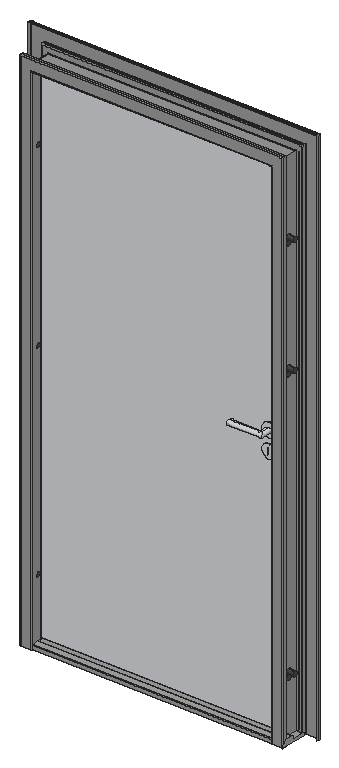
Revit family "Daloc S30 snabbsortiment", category Doors, host Wall, Revit 2017
Family settings
  Host = Wall
  OmniClass Number = 23.30.10.00
  OmniClass Title = Doors
  Always vertical = Yes
  Cut with Voids When Loaded = No
  Shared = No
  Room Calculation Point = No
Parameters (values of type "10x20")
  Övre gångjärn start [instance] = Dörrblad ÖK - 310 mm  # 1663 mm
  Övre gångjärn end [instance] = Dörrblad ÖK - 190 mm  # 1783 mm
  Vänsterhängd [instance] = no
  Visa kollisionskontroll [instance] = no
  Tröskeltyp G Stål [instance] = no
  Tröskeltyp G Hårdträ [instance] = yes
  Modulhöjd = 20
  Modulbredd = 10
  Kulör dörrblad [instance] = none
  Kollisionskontroll vänster [instance] = and(Visa kollisionskontroll, Vänsterhängd)  # no
  Kollisionskontroll höger [instance] = and(Visa kollisionskontroll, Högerhängd)  # no
  KDH [instance] = Height - 75 mm  # 1925 mm
  Infästning Vänsterhängd [instance] = and(Vänsterhängd, or(Dörrkarm K41, Dörrkarm K42))  # no
  Infästning Högerhängd [instance] = and(Högerhängd, or(Dörrkarm K41, Dörrkarm K42))  # yes
  Höjd dörrblad [instance] = (Modulhöjd * 100 mm) - 40 mm  # 1960 mm
  Högerhängd [instance] = yes
  Function = Interior
  Frame Projection Ext. = 25 mm
  Frame Projection Int. = 25 mm
  Frame Width = 75 mm
  Height = Modulhöjd * 100 mm  # 2000 mm
  Wall Closure = By host
  Width = Modulbredd * 100 mm  # 1000 mm
  Fp lås Ö [instance] = KDH - 233 mm  # 1692 mm
  Fp Ggj Ö övre hålet [instance] = Fp Ggj Ö + 18 mm  # 1692.5 mm
  Fp Ggj Ö undre hålet [instance] = Fp Ggj Ö - 18 mm  # 1656.5 mm
  Fp Ggj Ö [instance] = KDH - 250.5 mm  # 1674.5 mm
  Dörrstängare Vänster G [instance] = and(Vänsterhängd, Dörrstängare G sida)  # no
  Dörrstängare Vänster A [instance] = and(Vänsterhängd, Dörrstängare A sida)  # no
  Dörrstängare Höger G [instance] = and(Högerhängd, Dörrstängare G sida)  # no
  Dörrstängare Höger A [instance] = and(Högerhängd, Dörrstängare A sida)  # no
  Dörrstängare G sida [instance] = no
  Dörrstängare A sida [instance] = no
  Dörrkarm K42 [instance] = no
  Dörrkarm K41 [instance] = yes
  Dörrblad ÖK [instance] = Höjd dörrblad + Dörrblad UK  # 1973 mm
  Dörrblad UK [instance] = 13 mm
  Datablad [instance] = "http://www.dorrkatalogen.daloc.se/staldorrar/S30/"
  DST offset G-sida [instance] = Dörrblad ÖK - 75 mm  # 1898 mm
  DST offset A-sida [instance] = Dörrblad ÖK - 110 mm  # 1863 mm
  Bredd med överfals [instance] = Bredd dörrblad + 26.2 mm  # 950.2 mm
  Bredd dörrblad [instance] = (Modulbredd * 100 mm) - 76 mm  # 924 mm
Types (5, lengths in mm): name | Övre gångjärn start | Övre gångjärn end | Modulhöjd | Modulbredd | KDH | Höjd dörrblad | Height | Width | Fp lås Ö | Fp Ggj Ö övre hålet | Fp Ggj Ö undre hålet | Fp Ggj Ö | Dörrblad ÖK | DST offset G-sida | DST offset A-sida | Bredd med överfals | Bredd dörrblad
  (no name) | 1663 | 1783 | 20 | 10 | 1925 | 1960 | 2000 | 1000 | 1692 | 1692.5 | 1656.5 | 1674.5 | 1973 | 1898 | 1863 | 950.2 | 924
  9x21 | 1763 | 1883 | 21 | 9 | 2025 | 2060 | 2100 | 900 | 1792 | 1792.5 | 1756.5 | 1774.5 | 2073 | 1998 | 1963 | 850.2 | 824
  10x21 | 1763 | 1883 | 21 | 10 | 2025 | 2060 | 2100 | 1000 | 1792 | 1792.5 | 1756.5 | 1774.5 | 2073 | 1998 | 1963 | 950.2 | 924
  9x20 | 1663 | 1783 | 20 | 9 | 1925 | 1960 | 2000 | 900 | 1692 | 1692.5 | 1656.5 | 1674.5 | 1973 | 1898 | 1863 | 850.2 | 824
  10x20 | 1663 | 1783 | 20 | 10 | 1925 | 1960 | 2000 | 1000 | 1692 | 1692.5 | 1656.5 | 1674.5 | 1973 | 1898 | 1863 | 950.2 | 924
Reference planes
  plane 1: y = 0
  plane 2 "Center (Left/Right)": x = 0
  plane 3 "Left": x = -500
  plane 4 "Right": x = 500
  plane 5: z = 2000
  plane 6 "Exterior": y = 75
  plane 7 "Interior": y = -75
  plane 8 "Drevmån h": x = -495
  plane 9 "Drevmån v": x = 495
  plane 10 "Drevmån övre": z = 1993
Forms (mm)
  Sweep 1, solid, material "Daloc dörrkarm VIT S 0500-N", visible <- "Dörrkarm K41"
    path origin (0, 75, 0) x (1, 0, 0) y (0, 0, 1)
      loop
        line (495, 0) -> (495, 1993) -> (-495, 1993) -> (-495, 0)
    profile "Karm_K41 : Karm_K41" origin (495, 75, 996.5) x (-1, 0, 0) y (0, -1, 0)
      loop
        line (0, 85) -> (1.5, 85) -> (1.5, 95)
        arc (1.5, 95) -> (1.939, 96.061) -> (3, 96.5) r 1.5
        line (3, 96.5) -> (42, 96.5)
        arc (42, 96.5) -> (43.061, 96.061) -> (43.5, 95) r 1.5
        line (43.5, 95) -> (43.5, 55)
        arc (43.5, 55) -> (43.061, 53.939) -> (42, 53.5) r 1.5
        line (42, 53.5) -> (28.5, 53.5) -> (28.5, 3)
        arc (28.5, 3) -> (28.061, 1.939) -> (27, 1.5) r 1.5
        line (27, 1.5) -> (6.5, 1.5)
        arc (6.5, 1.5) -> (4.379, 0.621) -> (3.5, -1.5) r 3
        line (3.5, -1.5) -> (3.5, -10)
        arc (3.5, -10) -> (3.061, -11.061) -> (2, -11.5) r 1.5
        line (2, -11.5) -> (-47, -11.5)
        arc (-47, -11.5) -> (-48.061, -11.061) -> (-48.5, -10) r 1.5
        line (-48.5, -10) -> (-48.5, 0) -> (-50, 0) -> (-50, -10)
        arc (-50, -10) -> (-49.121, -12.121) -> (-47, -13) r 3
        line (-47, -13) -> (2, -13)
        arc (2, -13) -> (4.121, -12.121) -> (5, -10) r 3
        line (5, -10) -> (5, -1.5)
        arc (5, -1.5) -> (5.439, -0.439) -> (6.5, 0) r 1.5
        line (6.5, 0) -> (27, 0)
        arc (27, 0) -> (29.121, 0.879) -> (30, 3) r 3
        line (30, 3) -> (30, 52) -> (42, 52)
        arc (42, 52) -> (44.121, 52.879) -> (45, 55) r 3
        line (45, 55) -> (45, 95)
        arc (45, 95) -> (44.121, 97.121) -> (42, 98) r 3
        line (42, 98) -> (3, 98)
        arc (3, 98) -> (0.879, 97.121) -> (0, 95) r 3
        line (0, 95) -> (0, 85)
  Sweep 2, solid, material "Daloc dörrkarm VIT S 0500-N", visible <- "Dörrkarm K42"
    path origin (0, 75, 0) x (1, 0, 0) y (0, 0, 1)
      loop
        line (495, 0) -> (495, 1993) -> (-495, 1993) -> (-495, 0)
    profile "Karm_K42 : Karm_K42" origin (495, 75, 996.5) x (-1, 0, 0) y (0, -1, 0)
      loop
        line (0, 85) -> (1.5, 85) -> (1.5, 95)
        arc (1.5, 95) -> (1.939, 96.061) -> (3, 96.5) r 1.5
        line (3, 96.5) -> (42, 96.5)
        arc (42, 96.5) -> (43.061, 96.061) -> (43.5, 95) r 1.5
        line (43.5, 95) -> (43.5, 55)
        arc (43.5, 55) -> (43.061, 53.939) -> (42, 53.5) r 1.5
        line (42, 53.5) -> (28.5, 53.5) -> (28.5, 3)
        arc (28.5, 3) -> (28.061, 1.939) -> (27, 1.5) r 1.5
        line (27, 1.5) -> (3, 1.5)
        arc (3, 1.5) -> (1.939, 1.939) -> (1.5, 3) r 1.5
        line (1.5, 3) -> (1.5, 13) -> (0, 13) -> (0, 3)
        arc (0, 3) -> (0.879, 0.879) -> (3, 0) r 3
        line (3, 0) -> (27, 0)
        arc (27, 0) -> (29.121, 0.879) -> (30, 3) r 3
        line (30, 3) -> (30, 52) -> (42, 52)
        arc (42, 52) -> (44.121, 52.879) -> (45, 55) r 3
        line (45, 55) -> (45, 95)
        arc (45, 95) -> (44.121, 97.121) -> (42, 98) r 3
        line (42, 98) -> (3, 98)
        arc (3, 98) -> (0.879, 97.121) -> (0, 95) r 3
        line (0, 95) -> (0, 85)
  Extrusion 3, solid, material "Daloc tröskel EK", visible <- "Tröskeltyp G Hårdträ"
    sketch origin (0, 579.415, -570.578) x (0, 1, 0) y (0, 0, 1)
      loop
        line (-507.415, 580.578) -> (-555.423, 580.578) -> (-555.423, 590.078)
        arc (-555.423, 590.078) -> (-556.448, 592.553) -> (-558.923, 593.578) r 3.5
        line (-558.923, 593.578) -> (-580.423, 593.578)
        arc (-580.423, 593.578) -> (-580.99, 593.524) -> (-581.537, 593.364) r 3
        line (-581.537, 593.364) -> (-598.537, 588.364)
        arc (-598.537, 588.364) -> (-599.907, 587.26) -> (-600.423, 585.578) r 3
        line (-600.423, 585.578) -> (-600.423, 570.578) -> (-504.415, 570.578) -> (-504.415, 577.578)
        arc (-504.415, 577.578) -> (-505.294, 579.699) -> (-507.415, 580.578) r 3
    from -495 to 495
  Extrusion 4, solid, material "Daloc ståltröskel", visible <- "Tröskeltyp G Stål"
    sketch origin (0, -111.86, -57.161) x (0, 1, 0) y (0, 0, 1)
      loop
        line (176.776, 57.161) -> (182.855, 57.161)
        arc (182.855, 57.161) -> (186.86, 61.165) -> (182.855, 65.17) r 4.004
        line (182.855, 65.17) -> (136.355, 65.17)
        arc (136.355, 65.17) -> (135.295, 65.609) -> (134.855, 66.67) r 1.5
        line (134.855, 66.67) -> (134.855, 77.17)
        arc (134.855, 77.17) -> (133.977, 79.291) -> (131.855, 80.17) r 3
        line (131.855, 80.17) -> (102.102, 80.17)
        arc (102.102, 80.17) -> (100.954, 79.941) -> (99.98, 79.291) r 3
        line (99.98, 79.291) -> (93.734, 73.045)
        arc (93.734, 73.045) -> (93.084, 72.072) -> (92.855, 70.924) r 3
        line (92.855, 70.924) -> (92.855, 60.161)
        arc (92.855, 60.161) -> (93.734, 58.04) -> (95.855, 57.161) r 3
        line (95.855, 57.161) -> (102.855, 57.161) -> (102.855, 58.67) -> (95.855, 58.67)
        arc (95.855, 58.67) -> (94.795, 59.109) -> (94.355, 60.17) r 1.5
        line (94.355, 60.17) -> (94.355, 70.924)
        arc (94.355, 70.924) -> (94.469, 71.498) -> (94.795, 71.984) r 1.5
        line (94.795, 71.984) -> (101.041, 78.231)
        arc (101.041, 78.231) -> (101.528, 78.556) -> (102.102, 78.67) r 1.5
        line (102.102, 78.67) -> (131.855, 78.67)
        arc (131.855, 78.67) -> (132.916, 78.231) -> (133.355, 77.17) r 1.5
        line (133.355, 77.17) -> (133.355, 66.67)
        arc (133.355, 66.67) -> (134.234, 64.549) -> (136.355, 63.67) r 3
        line (136.355, 63.67) -> (182.855, 63.67)
        arc (182.855, 63.67) -> (185.355, 61.17) -> (182.855, 58.67) r 2.5
        line (182.855, 58.67) -> (176.776, 58.67) -> (176.776, 57.161)
    from -495 to 495
  Extrusion 5, solid, material "Stainless Steel", visible <- "Högerhängd"
    sketch origin (0, 0, 0) x (1, 0, 0) y (0, 1, 0)
      loop
        circle (-469.581, 92.224) r 8.5
    from 190 to 310
  Extrusion 6, solid, material "Stainless Steel", visible <- "Högerhängd"
    sketch origin (0, 0, 0) x (1, 0, 0) y (0, 1, 0)
      loop
        circle (-469.581, 92.224) r 8.5
    from 1663 <- "Övre gångjärn start" to 1783 <- "Övre gångjärn end"
  Extrusion 7, solid, material "Stainless Steel", visible <- "Vänsterhängd"
    sketch origin (0, 0, 0) x (1, 0, 0) y (0, 1, 0)
      loop
        circle (470.581, 92.224) r 8.5
    from 190 to 310
  Extrusion 8, solid, material "Stainless Steel", visible <- "Vänsterhängd"
    sketch origin (0, 0, 0) x (1, 0, 0) y (0, 1, 0)
      loop
        circle (470.581, 92.224) r 8.5
    from 1663 <- "Övre gångjärn start" to 1783 <- "Övre gångjärn end"
  Extrusion 9, solid, material "Frigång", visible <- "Kollisionskontroll höger"
    sketch origin (0, 0, 0) x (1, 0, 0) y (0, 1, 0)
      loop
        line (-475.081, 83.724) -> (475.119, 83.724)
        arc (475.119, 83.724) -> (-351.055, 1025.795) -> (-1392.904, 329.654) r 950.2
        line (-1392.904, 329.654) -> (-475.081, 83.724)
    from 13 <- "Dörrblad UK" to 1973 <- "Dörrblad ÖK"
  Extrusion 10, solid, material "Frigång", visible <- "Kollisionskontroll vänster"
    sketch origin (0, 0, 0) x (1, 0, 0) y (0, 1, 0)
      loop
        line (475.119, 83.724) -> (1392.941, 329.654)
        arc (1392.941, 329.654) -> (351.093, 1025.795) -> (-475.081, 83.724) r 950.2
        line (-475.081, 83.724) -> (475.119, 83.724)
    from 13 <- "Dörrblad UK" to 1973 <- "Dörrblad ÖK"
  Extrusion 11, solid, material "Hål", visible <- "Infästning Högerhängd"
    sketch origin (495, 0, 0) x (0, 0, 1) y (0, -1, 0)
      loop
        circle (226.5, -35) r 8
    from 0 to -30.1
  Extrusion 12, solid, material "Hål", visible <- "Infästning Högerhängd"
    sketch origin (495, 0, 0) x (0, 0, 1) y (0, -1, 0)
      loop
        circle (226.5, -5) r 8
    from 0 to -45.2
  Extrusion 13, solid, material "Hål", visible <- "Infästning Högerhängd"
    sketch origin (495, 0, 0) x (0, 0, 1) y (0, -1, 0)
      loop
        circle (1250, -35) r 8
    from 0 to -30.1
  Extrusion 14, solid, material "Hål", visible <- "Infästning Högerhängd"
    sketch origin (495, 0, 0) x (0, 0, 1) y (0, -1, 0)
      loop
        circle (1250, -5) r 8
    from 0 to -45.2
  Extrusion 15, solid, material "Hål", visible <- "Infästning Högerhängd"
    sketch origin (495, 0, 0) x (0, 0, 1) y (0, -1, 0)
      loop
        circle (1692, -35) r 8
    from 0 to -30.1
  Extrusion 16, solid, material "Hål", visible <- "Infästning Högerhängd"
    sketch origin (495, 0, 0) x (0, 0, 1) y (0, -1, 0)
      loop
        circle (1692, -5) r 8
    from 0 to -45.2
  Extrusion 17, solid, material "Hål", visible <- "Infästning Vänsterhängd"
    sketch origin (-495, 0, 0) x (0, 0, 1) y (0, -1, 0)
      loop
        circle (226.5, -35) r 8
    from 0 to 30.1
  Extrusion 18, solid, material "Hål", visible <- "Infästning Vänsterhängd"
    sketch origin (-495, 0, 0) x (0, 0, 1) y (0, -1, 0)
      loop
        circle (226.5, -5) r 8
    from 0 to 45.2
  Extrusion 19, solid, material "Hål", visible <- "Infästning Vänsterhängd"
    sketch origin (-495, 0, 0) x (0, 0, 1) y (0, -1, 0)
      loop
        circle (1250, -35) r 8
    from 0 to 30.1
  Extrusion 20, solid, material "Hål", visible <- "Infästning Vänsterhängd"
    sketch origin (-495, 0, 0) x (0, 0, 1) y (0, -1, 0)
      loop
        circle (1250, -5) r 8
    from 0 to 45.2
  Extrusion 21, solid, material "Hål", visible <- "Infästning Vänsterhängd"
    sketch origin (-495, 0, 0) x (0, 0, 1) y (0, -1, 0)
      loop
        circle (1692, -35) r 8
    from 0 to 30.1
  Extrusion 22, solid, material "Hål", visible <- "Infästning Vänsterhängd"
    sketch origin (-495, 0, 0) x (0, 0, 1) y (0, -1, 0)
      loop
        circle (1692, -5) r 8
    from 0 to 45.2
  Extrusion 23, solid, material "Hål", visible <- "Infästning Högerhängd"
    sketch origin (-495, 0, 0) x (0, 0, 1) y (0, -1, 0)
      loop
        circle (1015, -35) r 8
    from 0 to 30.1
  Extrusion 24, solid, material "Hål", visible <- "Infästning Högerhängd"
    sketch origin (-495, 0, 0) x (0, 0, 1) y (0, -1, 0)
      loop
        circle (1015, -5) r 8
    from 0 to 45.2
  Extrusion 25, solid, material "Hål", visible <- "Infästning Högerhängd"
    sketch origin (-495, 0, 0) x (0, 0, 1) y (0, -1, 0)
      loop
        circle (244.5, -5) r 8
    from 0 to 45.2
  Extrusion 26, solid, material "Hål", visible <- "Infästning Högerhängd"
    sketch origin (-495, 0, 0) x (0, 0, 1) y (0, -1, 0)
      loop
        circle (226.5, -36) r 8
    from 0 to 30.1
  Extrusion 27, solid, material "Hål", visible <- "Infästning Vänsterhängd"
    sketch origin (495, 0, 0) x (0, 0, 1) y (0, -1, 0)
      loop
        circle (226.5, -36) r 8
    from 0 to -30.1
  Extrusion 28, solid, material "Hål", visible <- "Infästning Vänsterhängd"
    sketch origin (495, 0, 0) x (0, 0, 1) y (0, -1, 0)
      loop
        circle (208.5, -5) r 8
    from 0 to -45.2
  Extrusion 29, solid, material "Hål", visible <- "Infästning Vänsterhängd"
    sketch origin (495, 0, 0) x (0, 0, 1) y (0, -1, 0)
      loop
        circle (1015, -35) r 8
    from 0 to -30.1
  Extrusion 30, solid, material "Hål", visible <- "Infästning Vänsterhängd"
    sketch origin (495, 0, 0) x (0, 0, 1) y (0, -1, 0)
      loop
        circle (1015, -5) r 8
    from 0 to -45.2
  Extrusion 31, solid, material "Hål", visible <- "Infästning Vänsterhängd"
    sketch origin (495, 0, 0) x (0, 0, 1) y (0, -1, 0)
      loop
        circle (1674.5, -36) r 8
    from 0 to -30.1
  Extrusion 32, solid, material "Hål", visible <- "Infästning Vänsterhängd"
    sketch origin (495, 0, 0) x (0, 0, 1) y (0, -1, 0)
      loop
        circle (1656.5, -5) r 8
    from 0 to -45.2
  Extrusion 33, solid, material "Hål", visible <- "Infästning Högerhängd"
    sketch origin (-495, 0, 0) x (0, 0, 1) y (0, -1, 0)
      loop
        circle (1674.5, -35) r 8
    from 0 to 30.1
  Extrusion 34, solid, material "Hål", visible <- "Infästning Högerhängd"
    sketch origin (-495, 0, 0) x (0, 0, 1) y (0, -1, 0)
      loop
        circle (1692.5, -5) r 8
    from 0 to 45.2
Lines and regions (mm)
  Opening 1
    outline origin (-3050, -75, 0) x (1, 0, 0) y (0, 0, 1)
      loop
        line (2550, 0) -> (3550, 0) -> (3550, 2000) -> (2550, 2000) -> (2550, 0)
  symbolic lines, style "Elevation Swing"
    curve 1: line (500, -75, 1000) -> (-500, -75, 2000)
    curve 2: line (500, -75, 1000) -> (-500, -75, 0)
  symbolic lines, visible <- "Högerhängd"
    curve 3: circle (-469.581, 92.224, 0) r 8.5 normal (0, 0, 1)
    curve 5: line (-475.081, 83.724, 0) -> (-1392.904, 329.654, 0)
    curve 6: arc (-1392.904, 329.654, 0) -> (-351.055, 1025.795, 0) -> (475.119, 83.724, 0) r 950.2
  symbolic lines, visible <- "Vänsterhängd"
    curve 4: circle (470.581, 92.224, 0) r 8.5 normal (0, 0, 1)
    curve 7: line (475.119, 83.724, 0) -> (1392.941, 329.654, 0)
    curve 8: arc (1392.941, 329.654, 0) -> (351.093, 1025.795, 0) -> (-475.081, 83.724, 0) r 950.2
Text (mm)
  text "Exterior" at (-2295.016, 1099.543, 0), in view "Ref. Level"
  text "Exterior" at (0, 1615.38, 3698.081), in view "Left"
  text "Exterior" at (0, 1036.032, 3874.932), in view "Right"
Dimensions and locks
  equal spacing: plane 3 "Left", plane 2 "Center (Left/Right)", plane 4 "Right"
  "Width": plane 3 "Left" to plane 4 "Right"
  "Height": plane 5 to host wall
  equal spacing: host wall, curve 2, plane 5
  host wall to plane 5 = 2000 mm
  locked: plane 6 "Exterior" to host wall at 0
  locked: plane 7 "Interior" to host wall
  locked: plane 5 to plane 10 "Drevmån övre" at 7
  locked: plane 3 "Left" to plane 8 "Drevmån h" at 5
  locked: plane 9 "Drevmån v" to plane 4 "Right" at 5
  locked: plane 6 "Exterior" to Extrusion 4 at 52.004
  locked: plane 6 "Exterior" to Extrusion 3 at 51.008
  locked: nested 1 to nested 2 at 55
  locked: nested 3 to nested 1 at 55
  locked: nested 4 to nested 1 at 55
  locked: nested 1 to nested 5 at 55
  curve 3 to nested 1 = 8.5 mm
  locked: curve 3 to nested 1 at 11.5
  locked: curve 4 to nested 1 at 8.5
  locked: nested 1 to curve 4 at 7.5
  locked: plane 3 "Left" to nested 6 at 130
  locked: plane 3 "Left" to nested 7 at 130
  locked: nested 8 to plane 4 "Right" at 129.9
  "Bredd med överfals": curve 5 to curve 5
  locked: plane 8 "Drevmån h" to curve 5 at 19.919
  "Bredd med överfals": curve 7 to curve 7
  locked: curve 5 to nested 1 at 0
  locked: Extrusion 11 sketch curve to level at 226.5
  locked: Extrusion 11 sketch curve to plane 6 "Exterior" at 40
  locked: Extrusion 12 sketch curve to level at 226.5
  locked: Extrusion 12 sketch curve to plane 6 "Exterior" at 70
  locked: Extrusion 13 sketch curve to plane 6 "Exterior" at 40
  locked: Extrusion 13 sketch curve to level at 1250
  Extrusion 14 sketch curve to level = 1250 mm
  Extrusion 14 sketch curve to plane 6 "Exterior" = 70 mm
  locked: Extrusion 15 sketch curve to plane 6 "Exterior" at 40
  "Fp lås Ö": Extrusion 15 sketch curve to level
  "Fp lås Ö": Extrusion 16 sketch curve to level
  locked: Extrusion 16 sketch curve to plane 6 "Exterior" at 70
  locked: plane 6 "Exterior" to Extrusion 17 sketch curve at 40
  locked: Extrusion 17 sketch curve to level at 226.5
  Extrusion 18 sketch curve to level = 226.5 mm
  plane 6 "Exterior" to Extrusion 18 sketch curve = 70 mm
  locked: Extrusion 19 sketch curve to level at 1250
  locked: plane 6 "Exterior" to Extrusion 19 sketch curve at 40
  Extrusion 20 sketch curve to level = 1250 mm
  plane 6 "Exterior" to Extrusion 20 sketch curve = 70 mm
  "Fp lås Ö": Extrusion 21 sketch curve to level
  locked: plane 6 "Exterior" to Extrusion 21 sketch curve at 40
  "Fp lås Ö": Extrusion 22 sketch curve to level
  locked: plane 6 "Exterior" to Extrusion 22 sketch curve at 70
  locked: Extrusion 23 sketch curve to level at 1015
  locked: plane 6 "Exterior" to Extrusion 23 sketch curve at 40
  locked: Extrusion 24 sketch curve to level at 1015
  locked: plane 6 "Exterior" to Extrusion 24 sketch curve at 70
  locked: Extrusion 25 sketch curve to level at 244.5
  locked: plane 6 "Exterior" to Extrusion 25 sketch curve at 70
  locked: Extrusion 26 sketch curve to level at 226.5
  locked: plane 6 "Exterior" to Extrusion 26 sketch curve at 39
  locked: Extrusion 27 sketch curve to level at 226.5
  locked: Extrusion 27 sketch curve to plane 6 "Exterior" at 39
  locked: Extrusion 28 sketch curve to level at 208.5
  locked: Extrusion 28 sketch curve to plane 6 "Exterior" at 70
  locked: Extrusion 29 sketch curve to level at 1015
  locked: Extrusion 29 sketch curve to plane 6 "Exterior" at 40
  locked: Extrusion 30 sketch curve to level at 1015
  locked: Extrusion 30 sketch curve to plane 6 "Exterior" at 70
  "Fp Ggj Ö": Extrusion 31 sketch curve to level
  Extrusion 31 sketch curve to plane 6 "Exterior" = 39 mm
  "Fp Ggj Ö undre hålet": Extrusion 32 sketch curve to level
  locked: Extrusion 32 sketch curve to plane 6 "Exterior" at 70
  "Fp Ggj Ö": Extrusion 33 sketch curve to level
  locked: plane 6 "Exterior" to Extrusion 33 sketch curve at 40
  "Fp Ggj Ö övre hålet": Extrusion 34 sketch curve to level
  locked: plane 6 "Exterior" to Extrusion 34 sketch curve at 70
  locked: plane 6 "Exterior" to nested 6 at 8.7
  locked: nested 9 to plane 4 "Right" at 130
  locked: plane 6 "Exterior" to nested 9 at 8.7
  locked: plane 6 "Exterior" to nested 1 at 0  (x2)
  locked: nested 1 to curve 5 (angle 165.00°)
  locked: curve 7 to nested 1 (angle 165.00°)
  aligned and locked: plane 3 "Left" to Opening 1 sketch curve
  aligned and locked: plane 5 to Opening 1 sketch curve  (x2)
  aligned and locked: Opening 1 sketch curve to plane 4 "Right"
  aligned and locked: Opening 1 sketch curve to level
  aligned and locked: plane 5 to curve 1
  aligned and locked: plane 3 "Left" to curve 2
  aligned and locked: plane 1 to host wall
  aligned and locked: plane 3 "Left" to curve 1
  aligned and locked: plane 9 "Drevmån v" to Sweep 1 sketch curve
  aligned and locked: plane 10 "Drevmån övre" to Sweep 1 sketch curve
  aligned and locked: Sweep 1 sketch curve to plane 8 "Drevmån h"
  aligned and locked: nested 1 to plane 2 "Center (Left/Right)"
  aligned and locked: Sweep 2 sketch curve to Sweep 1
  aligned and locked: plane 10 "Drevmån övre" to Sweep 2 sketch curve
  aligned and locked: Sweep 2 sketch curve to plane 8 "Drevmån h"
  aligned and locked: Extrusion 4 to level  (x3)
  aligned and locked: plane 9 "Drevmån v" to Extrusion 3
  aligned and locked: Extrusion 3 to plane 8 "Drevmån h"
  aligned and locked: plane 9 "Drevmån v" to Extrusion 4
  aligned and locked: Extrusion 4 to plane 8 "Drevmån h"
  aligned and locked: nested 2 to nested 1
  aligned and locked: Extrusion 5 sketch curve to curve 3
  aligned and locked: Extrusion 6 sketch curve to curve 3
  aligned and locked: Extrusion 7 sketch curve to curve 4
  aligned and locked: Extrusion 8 sketch curve to curve 4
  aligned and locked: nested 7 to nested 1
  aligned and locked: nested 8 to nested 1
  aligned and locked: Extrusion 9 sketch curve to curve 5
  aligned and locked: Extrusion 9 sketch curve to curve 6
  aligned and locked: Extrusion 9 sketch curve to nested 1
  aligned and locked: Extrusion 10 sketch curve to curve 7
  aligned and locked: Extrusion 10 sketch curve to curve 8
  aligned and locked: Extrusion 10 sketch curve to nested 1
Automatic sketch dimensions
  curve 2 to level = 0 mm
  plane 4 "Right" to curve 2 = 0 mm
  Sweep 1 sketch curve to level = 0 mm  (x2)
  Sweep 2 sketch curve to level = 0 mm  (x2)
  Extrusion 3 sketch curve to host wall = 147 mm
  level to Extrusion 3 sketch curve = 7 mm
  Extrusion 3 sketch curve to Extrusion 3 sketch curve = 3 mm  (x2)
  Extrusion 3 sketch curve to Extrusion 3 sketch curve = 48.008 mm
  Extrusion 3 sketch curve to Extrusion 3 sketch curve = 9.5 mm
  Extrusion 3 sketch curve to Extrusion 3 sketch curve = 3.5 mm
  Extrusion 3 sketch curve to Extrusion 3 sketch curve = 21.5 mm
  Extrusion 3 sketch curve to Extrusion 3 sketch curve = 1.114 mm  (x2)
  Extrusion 3 sketch curve to Extrusion 3 sketch curve = 17 mm
  Extrusion 3 sketch curve to Extrusion 3 sketch curve = 5 mm
  Extrusion 3 sketch curve to Extrusion 3 sketch curve = 2.785 mm
  Extrusion 3 sketch curve to Extrusion 3 sketch curve = 15 mm
  Extrusion 4 sketch curve to host wall = 4.004 mm
  level to Extrusion 4 sketch curve = 0 mm
  Extrusion 4 sketch curve to Extrusion 4 sketch curve = 4.004 mm
  Extrusion 4 sketch curve to Extrusion 4 sketch curve = 6.079 mm
  Extrusion 4 sketch curve to Extrusion 4 sketch curve = 40.421 mm
  Extrusion 4 sketch curve to Extrusion 4 sketch curve = 1.5 mm
  Extrusion 4 sketch curve to Extrusion 4 sketch curve = 10.5 mm
  Extrusion 4 sketch curve to Extrusion 4 sketch curve = 3 mm  (x3)
  Extrusion 4 sketch curve to host wall = 84.758 mm
  Extrusion 4 sketch curve to Extrusion 4 sketch curve = 2.121 mm  (x3)
  Extrusion 4 sketch curve to Extrusion 4 sketch curve = 6.246 mm  (x2)
  Extrusion 4 sketch curve to Extrusion 4 sketch curve = 10.763 mm
  Extrusion 4 sketch curve to Extrusion 4 sketch curve = 7 mm
  Extrusion 4 sketch curve to Extrusion 4 sketch curve = 1.509 mm
  Extrusion 4 sketch curve to Extrusion 4 sketch curve = 0 mm  (x10)
  Extrusion 4 sketch curve to Extrusion 4 sketch curve = 0.009 mm
  Extrusion 4 sketch curve to Extrusion 4 sketch curve = 0.439 mm
  Extrusion 4 sketch curve to Extrusion 4 sketch curve = 1.061 mm  (x2)
  Extrusion 4 sketch curve to Extrusion 4 sketch curve = 0.004 mm
  curve 6 to curve 5 = 0 mm
  curve 8 to curve 7 = 0 mm
  radius of curve 3 = 8.5 mm
  radius of curve 4 = 8.5 mm
  radius of Extrusion 11 sketch curve = 8 mm
  radius of Extrusion 12 sketch curve = 8 mm
  radius of Extrusion 13 sketch curve = 8 mm
  radius of Extrusion 14 sketch curve = 8 mm
  radius of Extrusion 15 sketch curve = 8 mm
  radius of Extrusion 16 sketch curve = 8 mm
  radius of Extrusion 17 sketch curve = 8 mm
  radius of Extrusion 18 sketch curve = 8 mm
  radius of Extrusion 19 sketch curve = 8 mm
  radius of Extrusion 20 sketch curve = 8 mm
  radius of Extrusion 21 sketch curve = 8 mm
  radius of Extrusion 22 sketch curve = 8 mm
  radius of Extrusion 23 sketch curve = 8 mm
  radius of Extrusion 24 sketch curve = 8 mm
  radius of Extrusion 25 sketch curve = 8 mm
  radius of Extrusion 26 sketch curve = 8 mm
  radius of Extrusion 27 sketch curve = 8 mm
  radius of Extrusion 28 sketch curve = 8 mm
  radius of Extrusion 29 sketch curve = 8 mm
  radius of Extrusion 30 sketch curve = 8 mm
  radius of Extrusion 31 sketch curve = 8 mm
  radius of Extrusion 32 sketch curve = 8 mm
  radius of Extrusion 33 sketch curve = 8 mm
  radius of Extrusion 34 sketch curve = 8 mm
Nested families
  nested 1: "Dörrblad_S30" at (0, 83.724, 13) x (-1, 0, 0) z (0, 0, 1), Bredd dörrblad <- "Bredd dörrblad", Höjd dörrblad <- "Höjd dörrblad", built-in parameter 1001364 <- "Dörrblad UK", Kulör dörrblad <- "Kulör dörrblad", type "Dörrblad_S30"
    with Kulör dörrblad none, Höjd dörrblad 1960 mm, Bredd dörrblad 924 mm
  nested 2: "Handtag_J" at (-407, 83.724, 1022) x (-1, 0, 0) z (0, 1, 0), visible <- "Vänsterhängd", type "Handtag_J"
    with Handtag Ytterdörr none
  nested 3: "Handtag_J" at (407, 83.724, 1022) x (1, 0, 0) z (0, 1, 0), visible <- "Högerhängd", type "Handtag_J"
    with Handtag Ytterdörr none
  nested 4: "Handtag_J" at (407, 25.724, 1024) x (1, 0, 0) z (0, -1, 0), visible <- "Högerhängd", type "Handtag_J"
    with Handtag Ytterdörr none
  nested 5: "Handtag_J" at (-407, 25.724, 1024) x (-1, 0, 0) z (0, -1, 0), visible <- "Vänsterhängd", type "Handtag_J"
    with Handtag Ytterdörr none
  nested 6: "Dörrstängare" at (-125, 129.7, 1898) x (-1, 0, 0) z (0, 0, 1), built-in parameter 1001364 <- "DST offset G-sida", visible <- "Dörrstängare Höger G", type "Dörrstängare"
  nested 7: "Dörrstängare" at (-370, -20.276, 1863), built-in parameter 1001364 <- "DST offset A-sida", visible <- "Dörrstängare Höger A", type "Dörrstängare"
  nested 8: "Dörrstängare" at (125.1, -20.276, 1863), built-in parameter 1001364 <- "DST offset A-sida", visible <- "Dörrstängare Vänster A", type "Dörrstängare"
  nested 9: "Dörrstängare" at (370, 129.7, 1898) x (-1, 0, 0) z (0, 0, 1), built-in parameter 1001364 <- "DST offset G-sida", visible <- "Dörrstängare Vänster G", type "Dörrstängare"
Definition of nested family "Dörrblad_S30"
  Parameters (values of type "Dörrblad_S30")
    Kulör dörrblad [instance] = none
    Höjd dörrblad [instance] = 2060 mm
    Bredd dörrblad [instance] = 924 mm
  Reference planes
    plane 1 "Center (Front/Back)": y = 0
    plane 2: z = 0
    plane 3 "Center (Left/Right)": x = 0
  Forms (mm)
    Extrusion 1, solid, material <- "Kulör dörrblad"
      sketch origin (0, 0, 0) x (1, 0, 0) y (0, 1, 0)
        loop
          line (-462, 46.424) -> (-461.375, 44.899)
          arc (-461.375, 44.899) -> (-460.77, 44.546) -> (-460.081, 44.424) r 2
          line (-460.081, 44.424) -> (-459.081, 44.424)
          arc (-459.081, 44.424) -> (-458.374, 44.131) -> (-458.081, 43.424) r 1
          line (-458.081, 43.424) -> (-458.081, 23.291)
          arc (-458.081, 23.291) -> (-458.379, 22.572) -> (-459.099, 22.274) r 1.017
          line (-459.099, 22.274) -> (-461.585, 21.586)
          arc (-461.585, 21.586) -> (-462.643, 21.147) -> (-463.081, 20.089) r 1.497
          line (-463.081, 20.089) -> (-463.081, 9.724)
          arc (-463.081, 9.724) -> (-463.374, 9.017) -> (-464.081, 8.724) r 1
          line (-464.081, 8.724) -> (-473.081, 8.724)
          arc (-473.081, 8.724) -> (-474.496, 8.138) -> (-475.081, 6.724) r 2
          arc (-475.081, 6.724) -> (-474.929, 5.959) -> (-474.496, 5.31) r 2
          line (-474.496, 5.31) -> (-469.772, 0.586)
          arc (-469.772, 0.586) -> (-469.123, 0.152) -> (-468.357, 0) r 2
          line (-468.357, 0) -> (468.357, 0)
          arc (468.357, 0) -> (469.123, 0.152) -> (469.772, 0.586) r 2
          line (469.772, 0.586) -> (471.41, 2.224) -> (474.496, 5.31)
          arc (474.496, 5.31) -> (474.929, 5.959) -> (475.081, 6.724) r 2
          arc (475.081, 6.724) -> (474.496, 8.138) -> (473.081, 8.724) r 2
          line (473.081, 8.724) -> (459.081, 8.724)
          arc (459.081, 8.724) -> (458.374, 9.017) -> (458.081, 9.724) r 1
          line (458.081, 9.724) -> (458.081, 43.456)
          arc (458.081, 43.456) -> (458.365, 44.141) -> (459.049, 44.424) r 0.968
          line (459.049, 44.424) -> (460.081, 44.424)
          arc (460.081, 44.424) -> (460.77, 44.546) -> (461.375, 44.899) r 2
          line (461.375, 44.899) -> (462, 46.424) -> (462, 56.122)
          arc (462, 56.122) -> (461.45, 57.45) -> (460.122, 58) r 1.878
          line (460.122, 58) -> (-460.122, 58)
          arc (-460.122, 58) -> (-461.45, 57.45) -> (-462, 56.122) r 1.878
          line (-462, 56.122) -> (-462, 46.424)
      from 0 to 2060 <- "Höjd dörrblad"
    Extrusion 2, void
      sketch origin (0, 0, 0) x (0, 1, 0) y (0, 0, 1)
        loop
          line (8.5, 2047.707) -> (60, 2047.707) -> (60, 2062) -> (8.5, 2062) -> (8.5, 2047.707)
      from -1012.901 to 1033.608
    Extrusion 3, void
      sketch origin (0, 0, 0) x (0, 1, 0) y (0, 0, 1)
        loop
          line (1.957, 2060) -> (1.957, 2060.937) -> (-1.021, 2060.937) -> (-1.021, 2058.043) -> (0, 2058.043)
          arc (0, 2058.043) -> (0.573, 2059.427) -> (1.957, 2060) r 1.957
      from -636.874 to 1069.662
  Cuts and joins
    Extrusion 2, Extrusion 3 cuts Extrusion 1
  Lines and regions (mm)
    model lines
      curve 1: arc (-460.122, 58, 0) -> (-461.45, 57.45, 0) -> (-462, 56.122, 0) r 1.878
      curve 2: arc (462, 56.122, 0) -> (461.45, 57.45, 0) -> (460.122, 58, 0) r 1.878
      curve 3: arc (458.081, 9.724, 0) -> (458.374, 9.017, 0) -> (459.081, 8.724, 0) r 1
      curve 4: arc (-464.081, 8.724, 0) -> (-463.374, 9.017, 0) -> (-463.081, 9.724, 0) r 1
      curve 5: arc (475.081, 6.724, 0) -> (474.496, 8.138, 0) -> (473.081, 8.724, 0) r 2
      curve 6: arc (-473.081, 8.724, 0) -> (-474.496, 8.138, 0) -> (-475.081, 6.724, 0) r 2
      curve 7: arc (-469.772, 0.586, 0) -> (-469.123, 0.152, 0) -> (-468.357, 0, 0) r 2
      curve 8: arc (468.357, 0, 0) -> (469.123, 0.152, 0) -> (469.772, 0.586, 0) r 2
      curve 9: line (-461.375, 44.899, 0) -> (-462, 46.424, 0)
      curve 10: line (462, 46.424, 0) -> (461.375, 44.899, 0)
      curve 11: arc (-461.375, 44.899, 0) -> (-460.77, 44.546, 0) -> (-460.081, 44.424, 0) r 2
      curve 12: arc (460.081, 44.424, 0) -> (460.77, 44.546, 0) -> (461.375, 44.899, 0) r 2
      curve 13: arc (474.496, 5.31, 0) -> (474.929, 5.959, 0) -> (475.081, 6.724, 0) r 2
      curve 14: arc (-475.081, 6.724, 0) -> (-474.929, 5.959, 0) -> (-474.496, 5.31, 0) r 2
      curve 15: line (460.122, 58, 0) -> (-460.122, 58, 0)
      curve 16: line (469.772, 0.586, 0) -> (471.41, 2.224, 0)
      curve 17: line (471.41, 2.224, 0) -> (474.496, 5.31, 0)
      curve 18: line (468.357, 0, 0) -> (-468.357, 0, 0)
      curve 19: line (-462, 46.424, 0) -> (-462, 46.831, 0)
      curve 20: line (-462, 46.831, 0) -> (-462, 56.122, 0)
      curve 21: line (462, 56.122, 0) -> (462, 46.831, 0)
      curve 22: line (462, 46.831, 0) -> (462, 46.424, 0)
      curve 23: line (-459.081, 44.424, 0) -> (-460.081, 44.424, 0)
      curve 24: line (460.081, 44.424, 0) -> (459.049, 44.424, 0)
      curve 25: line (459.081, 8.724, 0) -> (473.081, 8.724, 0)
      curve 26: line (-473.081, 8.724, 0) -> (-464.081, 8.724, 0)
      curve 27: arc (0, 17.914, 0) -> (0, 19.131, 0.413) -> (0, 19.845, 1.482) r 2
      curve 28: arc (0, 56, 0) -> (0, 57.414, 0.586) -> (0, 58, 2) r 2
      curve 29: arc (0, 0.586, 0.586) -> (0, 1.235, 0.152) -> (0, 2, 0) r 2
      curve 30: arc (0, 0, 2) -> (0, 0.152, 1.235) -> (0, 0.586, 0.586) r 2
      curve 31: arc (0, 21.249, 3.858) -> (0, 20.641, 3.652) -> (0, 20.283, 3.117) r 1
      curve 32: line (0, 43.32, 3.858) -> (0, 44.199, 3.184)
      curve 33: arc (0, 46.095, 0.067) -> (0, 46.348, 0.017) -> (0, 46.606, 0) r 2
      curve 34: line (0, 44.675, 1.408) -> (0, 46.095, 0.067)
      curve 35: line (0, 19.845, 1.482) -> (0, 20.283, 3.117)
      curve 36: line (0, 21.249, 3.858) -> (0, 43.32, 3.858)
      curve 37: line (0, 44.675, 1.408) -> (0, 44.199, 3.184)
      curve 38: line (0, 56, 0) -> (0, 46.606, 0)
      curve 39: line (0, 17.914, 0) -> (0, 9.5, 0)
      curve 40: line (0, 9.5, 0) -> (0, 8.5, 0)
      curve 41: line (0, 8.5, 0) -> (0, 5.086, 0)
      curve 42: line (0, 5.086, 0) -> (0, 2, 0)
      curve 43: arc (0, 17.914, 0) -> (0, 19.142, 0.408) -> (0, 19.863, 1.482) r 2
      curve 44: arc (0, 21.249, 3.858) -> (0, 20.651, 3.646) -> (0, 20.301, 3.117) r 1
      curve 45: line (0, 43.233, 3.858) -> (0, 44.199, 3.117)
      curve 46: arc (0, 45.992, 0.097) -> (0, 46.295, 0.024) -> (0, 46.606, 0) r 2
      curve 47: line (0, 44.675, 1.341) -> (0, 45.992, 0.097)
      curve 48: line (0, 46.2, 2047.817) -> (0, 44.675, 2046.376)
      curve 49: arc (0, 46.606, 2047.858) -> (0, 46.402, 2047.848) -> (0, 46.2, 2047.817) r 2
      curve 50: line (0, 44.199, 2044.6) -> (0, 43.233, 2043.858)
      curve 51: line (0, 19.863, 1.482) -> (0, 20.301, 3.117)
      curve 52: line (0, 21.249, 3.858) -> (0, 43.233, 3.858)
      curve 53: line (0, 44.675, 1.341) -> (0, 44.199, 3.117)
      curve 54: line (0, 44.199, 2044.6) -> (0, 44.675, 2046.376)
      curve 55: line (0, 56, 0) -> (0, 46.606, 0)
      curve 56: line (0, 17.914, 0) -> (0, 9.5, 0)
      curve 57: line (0, 9.5, 0) -> (0, 8.5, 0)
      curve 58: line (0, 8.5, 0) -> (0, 5.086, 0)
      curve 59: line (0, 5.086, 0) -> (0, 2, 0)
    symbolic lines
      curve 60: line (0, 43.233, 2043.858) -> (0, 22.767, 2043.858)
      curve 61: line (0, 21.801, 2044.6) -> (0, 21.325, 2046.376)
      curve 62: arc (0, 21.801, 2044.6) -> (0, 22.159, 2044.065) -> (0, 22.767, 2043.858) r 1
      curve 63: arc (0, 21.325, 2046.376) -> (0, 20.611, 2047.445) -> (0, 19.394, 2047.858) r 2
      curve 64: line (0, 19.394, 2047.858) -> (0, 9.5, 2047.858)
      curve 65: arc (0, 8.5, 2048.858) -> (0, 8.793, 2048.151) -> (0, 9.5, 2047.858) r 1
      curve 66: line (0, 8.5, 2057.858) -> (0, 8.5, 2048.858)
      curve 67: arc (0, 8.5, 2057.858) -> (0, 7.914, 2059.273) -> (0, 6.5, 2059.858) r 2
      curve 68: line (0, 6.5, 2059.858) -> (0, 5.086, 2059.858)
      curve 69: line (0, 5.086, 2059.858) -> (0, 2, 2059.858)
      curve 70: arc (0, 2, 2059.858) -> (0, 1.235, 2059.706) -> (0, 0.586, 2059.273) r 2
      curve 71: arc (0, 0.586, 2059.273) -> (0, 0.152, 2058.624) -> (0, 0, 2057.858) r 2
      curve 72: line (0, 0, 2) -> (0, 0, 2057.858)
      curve 73: arc (0, 0, 2) -> (0, 0.152, 1.235) -> (0, 0.586, 0.586) r 2
      curve 74: arc (0, 0.586, 0.586) -> (0, 1.235, 0.152) -> (0, 2, 0) r 2
      curve 75: line (0, 2.224, 0) -> (0, 0.586, 0)
      curve 76: line (0, 5.31, 0) -> (0, 2.224, 0)
      curve 77: arc (0, 56, 0) -> (0, 57.414, 0.586) -> (0, 58, 2) r 2
      curve 78: line (0, 58, 2) -> (0, 58, 2045.858)
      curve 79: arc (0, 58, 2045.858) -> (0, 57.414, 2047.273) -> (0, 56, 2047.858) r 2
      curve 80: line (0, 56, 2047.858) -> (0, 46.606, 2047.858)
      curve 81: line (-458.081, 43.424, 0) -> (-458.081, 23.291, 0)
      curve 82: line (-473.081, 8.724, 0) -> (-464.081, 8.724, 0)
      curve 83: arc (-464.081, 8.724, 0) -> (-463.374, 9.017, 0) -> (-463.081, 9.724, 0) r 1
      curve 84: line (458.081, 43.456, 0) -> (458.081, 9.724, 0)
      curve 85: line (-474.496, 5.31, 0) -> (-469.772, 0.586, 0)
      curve 86: line (-463.081, 9.724, 0) -> (-463.081, 20.089, 0)
      curve 87: arc (-458.081, 23.291, 0) -> (-458.379, 22.572, 0) -> (-459.099, 22.274, 0) r 1.017
      curve 88: line (-459.099, 22.274, 0) -> (-461.585, 21.586, 0)
      curve 89: arc (-463.081, 20.089, 0) -> (-462.643, 21.147, 0) -> (-461.585, 21.586, 0) r 1.497
      curve 90: arc (-459.081, 44.424, 0) -> (-458.374, 44.131, 0) -> (-458.081, 43.424, 0) r 1
      curve 91: arc (458.081, 43.456, 0) -> (458.365, 44.141, 0) -> (459.049, 44.424, 0) r 0.968
  Dimensions and locks
    "Bredd dörrblad": curve 20 to curve 21
    locked: curve 15 to curve 18 at 58
    equal spacing: curve 20, plane 3 "Center (Left/Right)", curve 21
    locked: curve 72 to curve 78 at 58
    locked: Extrusion 1 to curve 69 at 0.142
    locked: Extrusion 2 sketch curve to Extrusion 1 at 2
    locked: Extrusion 2 sketch curve to curve 78 at 2
    locked: cut or joined group of Extrusion 1, Extrusion 2, Extrusion 3 to Extrusion 3 sketch curve
    locked: plane 1 "Center (Front/Back)" to Extrusion 3 sketch curve at 0
    aligned and locked: level to plane 2
    aligned and locked: curve 18 to plane 1 "Center (Front/Back)"
    aligned and locked: level to curve 42
    aligned and locked: level to curve 38
    aligned and locked: Extrusion 1 sketch curve to curve 20
    aligned and locked: Extrusion 1 sketch curve to curve 1
    aligned and locked: Extrusion 1 sketch curve to curve 2
    aligned and locked: Extrusion 1 sketch curve to curve 10
    aligned and locked: Extrusion 1 sketch curve to curve 12
    aligned and locked: Extrusion 1 sketch curve to curve 91
    aligned and locked: Extrusion 1 sketch curve to curve 3
    aligned and locked: Extrusion 1 sketch curve to curve 5
    aligned and locked: Extrusion 1 sketch curve to curve 13
    aligned and locked: Extrusion 1 sketch curve to curve 17
    aligned and locked: Extrusion 1 sketch curve to curve 8
    aligned and locked: Extrusion 1 sketch curve to curve 7
    aligned and locked: Extrusion 1 sketch curve to curve 14
    aligned and locked: Extrusion 1 sketch curve to curve 6
    aligned and locked: Extrusion 1 sketch curve to curve 83
    aligned and locked: Extrusion 1 sketch curve to curve 89
    aligned and locked: Extrusion 1 sketch curve to curve 88
    aligned and locked: Extrusion 1 sketch curve to curve 87
    aligned and locked: Extrusion 1 sketch curve to curve 90
    aligned and locked: Extrusion 1 sketch curve to curve 11
    aligned and locked: Extrusion 1 sketch curve to curve 9
  Automatic sketch dimensions
    curve 30 to curve 29 = 0 mm
    curve 74 to curve 73 = 0 mm
    curve 70 to curve 71 = 0 mm  (x2)
    curve 73 to plane 1 "Center (Front/Back)" = 0 mm
    curve 30 to curve 29 = 2 mm
    curve 70 to plane 1 "Center (Front/Back)" = 2 mm
    curve 70 to curve 69 = 3.086 mm
    curve 29 to curve 41 = 3.086 mm
    curve 68 to curve 67 = 1.414 mm
    curve 41 to curve 40 = 3.414 mm
    curve 67 to curve 66 = 2 mm
    curve 66 to curve 64 = 1 mm
    curve 57 to curve 57 = 1 mm
    level to curve 43 = 2 mm
    curve 39 to curve 43 = 8.431 mm
    curve 65 to curve 63 = 9.894 mm
    level to curve 51 = 1.482 mm
    level to curve 35 = 1.482 mm
    curve 35 to curve 43 = 0.018 mm
    level to curve 51 = 3.117 mm
    curve 27 to curve 51 = 0.456 mm
    level to curve 35 = 3.117 mm
    curve 35 to curve 44 = 0.018 mm
    curve 35 to curve 52 = 0.966 mm
    curve 63 to curve 61 = 1.932 mm
    curve 63 to curve 61 = 0.476 mm
    curve 62 to curve 60 = 0.966 mm
    curve 60 to curve 79 = 14.767 mm
    level to curve 52 = 3.858 mm
    curve 52 to curve 77 = 14.767 mm
    curve 45 to curve 36 = 0.087 mm
    curve 50 to curve 50 = 0.966 mm
    level to curve 32 = 3.184 mm
    curve 45 to curve 32 = 0.966 mm
    level to curve 45 = 3.117 mm
    curve 45 to curve 32 = 0 mm
    curve 50 to curve 54 = 0.476 mm
    level to curve 47 = 1.341 mm
    curve 45 to curve 47 = 0.476 mm
    level to curve 37 = 1.408 mm
    curve 37 to curve 47 = 0 mm
    level to curve 34 = 0.067 mm
    curve 47 to curve 34 = 1.42 mm
    curve 54 to curve 48 = 1.525 mm
    level to curve 47 = 0.097 mm
    curve 47 to curve 33 = 0.103 mm
    curve 54 to curve 49 = 1.932 mm
    level to curve 33 = 2 mm
    curve 55 to curve 33 = 0 mm
    curve 79 to curve 79 = 2 mm
    curve 28 to curve 77 = 2 mm
    curve 31 to curve 44 = 0 mm
    curve 60 to curve 61 = 0.741 mm
    curve 50 to curve 50 = 0.741 mm
    curve 61 to curve 63 = 1.259 mm
    curve 50 to curve 49 = 1.259 mm
    curve 78 to curve 49 = 0 mm
    curve 61 to curve 61 = 1.776 mm
    curve 50 to curve 48 = 1.776 mm
    curve 65 to curve 71 = 9 mm
    level to curve 74 = 0.586 mm
    curve 70 to plane 1 "Center (Front/Back)" = 0.586 mm
    curve 56 to curve 43 = 0.018 mm
    curve 75 to level = 0 mm
    curve 75 to plane 1 "Center (Front/Back)" = 0.586 mm
    curve 29 to curve 75 = 0.224 mm
    curve 41 to curve 76 = 0.224 mm
    Extrusion 1 sketch curve to plane 1 "Center (Front/Back)" = 5.31 mm  (x2)
    Extrusion 1 sketch curve to plane 1 "Center (Front/Back)" = 0.586 mm  (x2)
    Extrusion 1 sketch curve to plane 1 "Center (Front/Back)" = 2.224 mm
    Extrusion 2 sketch curve to plane 1 "Center (Front/Back)" = 8.5 mm
    Extrusion 2 sketch curve to Extrusion 2 sketch curve = 14.293 mm
    plane 1 "Center (Front/Back)" to Extrusion 3 sketch curve = 1.021 mm
    Extrusion 3 sketch curve to plane 1 "Center (Front/Back)" = 1.957 mm
    Extrusion 3 sketch curve to Extrusion 3 sketch curve = 2.895 mm
    curve 4 to curve 83 = 0 mm  (x2)
    curve 5 to curve 13 = 0 mm  (x2)
    curve 6 to curve 14 = 0 mm  (x2)
    curve 86 to curve 9 = 1.081 mm
    curve 82 to curve 4 = 1 mm
    curve 7 to plane 1 "Center (Front/Back)" = 2 mm
    curve 7 to curve 26 = 4.276 mm
    curve 85 to plane 1 "Center (Front/Back)" = 0.586 mm
    curve 26 to curve 7 = 4.724 mm
    curve 85 to plane 1 "Center (Front/Back)" = 5.31 mm
    curve 88 to plane 1 "Center (Front/Back)" = 21.586 mm
    curve 89 to curve 88 = 1.497 mm
    curve 9 to plane 1 "Center (Front/Back)" = 44.899 mm
    curve 9 to curve 9 = 0.625 mm
    curve 1 to curve 1 = 1.878 mm
    curve 9 to curve 11 = 1.919 mm
    curve 89 to curve 87 = 2.486 mm
    curve 11 to curve 23 = 1 mm
    curve 87 to curve 81 = 1.017 mm
    curve 84 to curve 10 = 3.919 mm
    curve 84 to curve 91 = 0.968 mm
    curve 3 to curve 25 = 1 mm
    curve 24 to curve 24 = 1.032 mm
    curve 2 to curve 2 = 1.878 mm
    curve 10 to plane 1 "Center (Front/Back)" = 44.899 mm
    curve 12 to curve 10 = 1.294 mm
    curve 3 to curve 18 = 9.276 mm
    curve 16 to plane 1 "Center (Front/Back)" = 0.586 mm
    curve 8 to curve 16 = 1.414 mm
    curve 17 to plane 1 "Center (Front/Back)" = 2.224 mm
    curve 16 to curve 17 = 1.638 mm
    curve 16 to curve 5 = 1.672 mm
    curve 17 to plane 1 "Center (Front/Back)" = 5.31 mm
    curve 13 to curve 17 = 1.414 mm
    curve 13 to curve 5 = 1.414 mm
    curve 89 to curve 88 = 0.689 mm
    curve 81 to curve 9 = 1.475 mm
    curve 91 to curve 10 = 1.442 mm
    curve 9 to curve 9 = 1.525 mm
    curve 12 to curve 22 = 1.525 mm
    curve 10 to curve 21 = 0.406 mm
    curve 9 to curve 19 = 0.406 mm
Definition of nested family "Handtag_J"
  Parameters (values of type "Handtag_J")
    Handtag Ytterdörr [instance] = none
    Default Elevation = 1219.2 mm
  Reference planes
    plane 1 "Center (Front/Back)": y = 0
    plane 2: z = 0
    plane 3 "Center (Left/Right)": x = 0
  Forms (mm)
    Extrusion 1, solid
      sketch origin (0, 0, 0) x (1, 0, 0) y (0, 1, 0)
        loop
          line (-1219.2, 1219.2) -> (-1219.2, -1219.2) -> (1219.2, -1219.2) -> (1219.2, 1219.2) -> (-1219.2, 1219.2)
      from 0 to -304.8
    Extrusion 2, solid, material <- "Handtag Ytterdörr"
      sketch origin (0, 35.531, 0) x (-1, 0, 0) y (0, -1, 0)
        loop
          circle (0, 107.075) r 25
        loop
          line (-1.871, 118.619) -> (-1.871, 95.531) -> (1.871, 95.531) -> (1.871, 118.619) -> (-1.871, 118.619)
      from 0 to 5
    Extrusion 3, solid, material <- "Handtag Ytterdörr"
      sketch origin (0, 110, 0) x (-1, 0, 0) y (0, -1, 0)
        loop
          circle (0, 110) r 25
      from 0 to 5
    Sweep 4, solid, material <- "Handtag Ytterdörr"
      path origin (0, 0, 0) x (-1, 0, 0) y (0, 0, -1)
        loop
          line (0, -5) -> (0, -40) -> (120, -40)
      profile origin (0, 0, 22.5) x (-1, 0, 0) y (0, -1, 0)
        loop
          spline (0, 8) -> (-3.106, 7.727) -> (-6, 6.928) -> (-8.485, 5.657) -> (-10.392, 4) -> (-11.591, 2.071) -> (-12, 0) -> (-11.591, -2.071) -> (-10.392, -4) -> (-8.485, -5.657) -> (-6, -6.928) -> (-3.106, -7.727) -> (0, -8)
          spline (0, -8) -> (3.106, -7.727) -> (6, -6.928) -> (8.485, -5.657) -> (10.392, -4) -> (11.591, -2.071) -> (12, 0) -> (11.591, 2.071) -> (10.392, 4) -> (8.485, 5.657) -> (6, 6.928) -> (3.106, 7.727) -> (0, 8)
  Dimensions and locks
    Extrusion 2 sketch curve to Extrusion 2 sketch curve = 3.742 mm
    equal spacing: Extrusion 2 sketch curve, Extrusion 2 sketch curve, Extrusion 2 sketch curve
    aligned and locked: plane 2 to Extrusion 1
    aligned and locked: level to Extrusion 1
Definition of nested family "Dörrstängare"
  Reference planes
    plane 1 "Center (Front/Back)": y = 0
    plane 2: z = 0
    plane 3 "Center (Left/Right)": x = 0
  Forms (mm)
    Extrusion 1, solid
      sketch origin (0, -14, 0) x (1, 0, 0) y (0, 1, 0)
        loop
          line (0, 14) -> (245, 14) -> (245, 60) -> (0, 60) -> (0, 14)
      from 0 to 60
    Extrusion 2, solid
      sketch origin (0, 0, 0) x (1, 0, 0) y (0, 1, 0)
        loop
          circle (158, 23) r 11
      from 60 to 76
    Extrusion 3, solid
      sketch origin (0, 0, 0) x (1, 0, 0) y (0, 1, 0)
        loop
          arc (147, -266) -> (150.222, -273.778) -> (158, -277) r 11
          arc (158, -277) -> (165.778, -273.778) -> (169, -266) r 11
          line (169, -266) -> (169, 23)
          arc (169, 23) -> (158, 34) -> (147, 23) r 11
          line (147, 23) -> (147, -266)
      from 76 to 81
  Lines and regions (mm)
    symbolic lines
      curve 1: circle (158, 23, 0) r 11 normal (0, 0, 1)
      curve 2: line (147, 23, 0) -> (169, 23, 0)
      curve 3: arc (158, -277, 0) -> (150.222, -273.778, 0) -> (147, -266, 0) r 11
      curve 4: arc (158, -277, 0) -> (165.778, -273.778, 0) -> (169, -266, 0) r 11
      curve 5: line (169, -266, 0) -> (169, 23, 0)
      curve 6: line (147, -266, 0) -> (147, 23, 0)
  Dimensions and locks
    Extrusion 1 sketch curve to Extrusion 1 sketch curve = 46 mm
    Extrusion 1 sketch curve to Extrusion 1 sketch curve = 245 mm
    locked: Extrusion 1 to Extrusion 1 at 46
    locked: Extrusion 1 to Extrusion 1 at 245
    locked: curve 1 to Extrusion 1 at 87
    locked: Extrusion 1 to curve 1 at 23
    locked: Extrusion 1 to curve 2 at 23
    locked: curve 3 to curve 2 at 300
    diameter of curve 1 = 22 mm
    aligned and locked: level to plane 2
    aligned and locked: plane 1 "Center (Front/Back)" to Extrusion 1
    aligned and locked: Extrusion 2 sketch curve to curve 1
    aligned and locked: Extrusion 3 sketch curve to curve 6
  Automatic sketch dimensions
    Extrusion 1 sketch curve to plane 3 "Center (Left/Right)" = 0 mm
    plane 1 "Center (Front/Back)" to Extrusion 1 sketch curve = 0 mm
    curve 3 to curve 4 = 0 mm  (x2)
    plane 3 "Center (Left/Right)" to curve 3 = 158 mm
    curve 3 to curve 5 = 11 mm
    plane 1 "Center (Front/Back)" to Extrusion 3 sketch curve = 266 mm
    Extrusion 3 sketch curve to plane 1 "Center (Front/Back)" = 23 mm
    Extrusion 3 sketch curve to Extrusion 3 sketch curve = 11 mm
    Extrusion 3 sketch curve to Extrusion 3 sketch curve = 0 mm  (x2)
